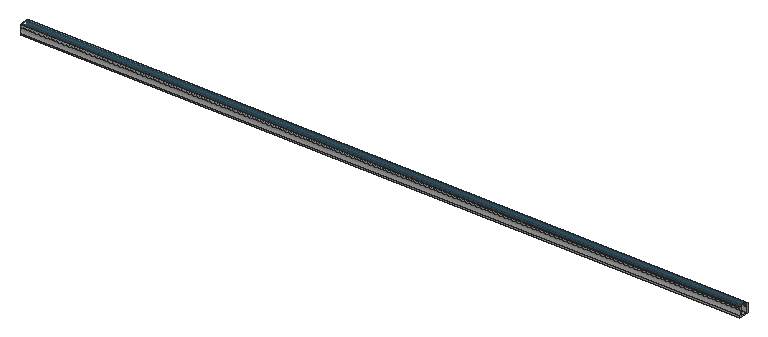
Revit family "LCAL15", category Luminarias, Revit 2019
Family settings
  Cota de conector redondo = Diámetro de uso
  Tipo de pieza = Normal
  Se basa en plano de trabajo = Sí
  Siempre vertical = No
  Corte con vacíos al cargar = No
  Origen de luz = No
  Compartido = Sí
  Punto de cálculo de habitación = No
Parameters (values of type "PERFIL_LCAL15")
  Tapa Final 15.1 = 1
  Keynote = ""
  Modelo = "LCAL15"
  Lamp = ""
  Longitud = 1200 mm
  Fabricante = "BRILLANT"
  Default Elevation = 1219.2 mm
  Descripción = "PERFIL DE ALUMINIO CON DIFUSOR LECHOSO PARA ALOJAR TIRA LUMINOSA DE HASTA 12.2MM DE ANCHO. INSTALACION PARA SOBRE PONER EN SUPERFICIES PLANAS IDEAL PARA ATENUAR EL BRILLO E INCORPORAR LA LUZ AL AMBIENTE.PRESENTACION DE 1.2 METROS. REQUEIRE ACCESORIOS COMO TAPA FINAL PARA EXTREMOS Y CLIPS DE SUJECION (CONSIDERAR 4 PZAS POR 1.20M)"
  Costo USD_LCAL15 [instance] = (Longitud / 1200 mm) * (10)  # 10
  Wattage Comments = ""
  Clips de Sujecion 15.2 = (Longitud / 1200 mm) * (4)  # 4
Reference planes
  plane 1 "Centro (Frontal/Posterior)": y = 0
  plane 2: z = 0
  plane 3 "Centro (Izquierda/Derecha)": x = 0
  plane 4: x = -1200
Forms (mm)
  Extrusion 1, solid, material "Aluminio"
    sketch origin (37.527, 0, 32.853) x (0, 0, 1) y (0, -1, 0)
      loop
        line (-32.853, 8.685) -> (-32.853, -8.685) -> (-31.054, -8.685)
        arc (-31.054, -8.685) -> (-26.054, -7.377) -> (-21.054, -8.685) r 10.21
        line (-21.054, -8.685) -> (-17.853, -8.685) -> (-17.853, -7.719) -> (-18.681, -7.719) -> (-19.199, -6.294) -> (-20.765, -6.294) -> (-21.353, -6.882) -> (-22.134, -6.1) -> (-31.786, -6.1) -> (-31.786, 6.1) -> (-22.134, 6.1) -> (-21.353, 6.882) -> (-20.765, 6.294) -> (-19.199, 6.294) -> (-18.681, 7.719) -> (-17.853, 7.719) -> (-17.853, 8.685) -> (-21.054, 8.685)
        arc (-21.054, 8.685) -> (-26.054, 7.377) -> (-31.054, 8.685) r 10.21
        line (-31.054, 8.685) -> (-32.853, 8.685)
    from -1237.527 to -37.527
  Extrusion 2, solid, material "Difusor Lechoso"
    sketch origin (22.394, 0, 27.494) x (0, 0, 1) y (0, -1, 0)
      loop
        line (-12.494, 8.685) -> (-12.494, 7.719) -> (-13.322, 7.719) -> (-13.84, 6.294) -> (-15.407, 6.294) -> (-15.994, 6.882) -> (-16.776, 6.1) -> (-17.563, 6.1) -> (-17.563, 5.3) -> (-12.236, 5.3)
        arc (-12.236, 5.3) -> (-11.464, 0) -> (-12.236, -5.3) r 18.593
        line (-12.236, -5.3) -> (-17.563, -5.3) -> (-17.563, -6.1) -> (-16.776, -6.1) -> (-15.994, -6.882) -> (-15.407, -6.294) -> (-13.84, -6.294) -> (-13.322, -7.719) -> (-12.494, -7.719) -> (-12.494, -8.685)
        arc (-12.494, -8.685) -> (-10.464, 0) -> (-12.494, 8.685) r 19.593
    from -1222.394 to -22.394
Dimensions and locks
  "Longitud": plane 3 "Centro (Izquierda/Derecha)" to plane 4
  Extrusion 1 sketch curve to Extrusion 1 sketch curve = 17.369 mm
  Extrusion 1 sketch curve to Extrusion 1 sketch curve = 12.2 mm
  Extrusion 1 sketch curve to Extrusion 1 sketch curve = 15 mm
  "Longitud": plane 4 to plane 3 "Centro (Izquierda/Derecha)"
  aligned and locked: level to plane 2
  aligned and locked: plane 4 to Extrusion 1
  aligned and locked: plane 3 "Centro (Izquierda/Derecha)" to Extrusion 1
  aligned and locked: plane 4 to Extrusion 2
  aligned and locked: plane 3 "Centro (Izquierda/Derecha)" to Extrusion 2
Automatic sketch dimensions
  Extrusion 1 sketch curve to level = 0 mm
  level to Extrusion 1 sketch curve = 1.067 mm
  Extrusion 1 sketch curve to Extrusion 1 sketch curve = 0.732 mm
  level to Extrusion 1 sketch curve = 1.799 mm
  level to Extrusion 1 sketch curve = 6.799 mm  (x2)
  Extrusion 1 sketch curve to Extrusion 1 sketch curve = 0.782 mm  (x2)
  Extrusion 1 sketch curve to Extrusion 1 sketch curve = 0.299 mm  (x2)
  Extrusion 1 sketch curve to Extrusion 1 sketch curve = 0.587 mm  (x3)
  Extrusion 1 sketch curve to Extrusion 1 sketch curve = 1.566 mm  (x2)
  Extrusion 1 sketch curve to Extrusion 1 sketch curve = 0.828 mm  (x2)
  Extrusion 1 sketch curve to Extrusion 1 sketch curve = 1.425 mm  (x2)
  plane 1 "Centro (Frontal/Posterior)" to Extrusion 1 sketch curve = 6.1 mm
  Extrusion 1 sketch curve to Extrusion 1 sketch curve = 0.194 mm
  Extrusion 1 sketch curve to Extrusion 1 sketch curve = 3.454 mm
  Extrusion 1 sketch curve to Extrusion 1 sketch curve = 8.92 mm
  Extrusion 1 sketch curve to Extrusion 1 sketch curve = 8.902 mm  (x2)
  Extrusion 1 sketch curve to Extrusion 1 sketch curve = 0.519 mm
  Extrusion 1 sketch curve to Extrusion 1 sketch curve = 2.585 mm
  Extrusion 2 sketch curve to plane 1 "Centro (Frontal/Posterior)" = 0 mm
  Extrusion 2 sketch curve to level = 2.563 mm
  level to Extrusion 2 sketch curve = 9.932 mm
  Extrusion 2 sketch curve to Extrusion 2 sketch curve = 0.787 mm  (x2)
  Extrusion 2 sketch curve to Extrusion 2 sketch curve = 0.782 mm  (x2)
  Extrusion 2 sketch curve to Extrusion 2 sketch curve = 0.587 mm  (x3)
  plane 1 "Centro (Frontal/Posterior)" to Extrusion 2 sketch curve = 6.294 mm
  Extrusion 2 sketch curve to Extrusion 2 sketch curve = 1.566 mm  (x2)
  Extrusion 2 sketch curve to plane 1 "Centro (Frontal/Posterior)" = 6.294 mm
  Extrusion 2 sketch curve to Extrusion 2 sketch curve = 0.519 mm  (x2)
  Extrusion 2 sketch curve to Extrusion 2 sketch curve = 0.828 mm  (x2)
  Extrusion 2 sketch curve to Extrusion 2 sketch curve = 1.425 mm  (x2)
  Extrusion 2 sketch curve to Extrusion 2 sketch curve = 0.8 mm  (x2)
  Extrusion 2 sketch curve to Extrusion 2 sketch curve = 0.994 mm
  Extrusion 2 sketch curve to Extrusion 2 sketch curve = 0.966 mm
  Extrusion 2 sketch curve to Extrusion 2 sketch curve = 0 mm  (x2)
  Extrusion 2 sketch curve to Extrusion 2 sketch curve = 0.259 mm  (x2)
